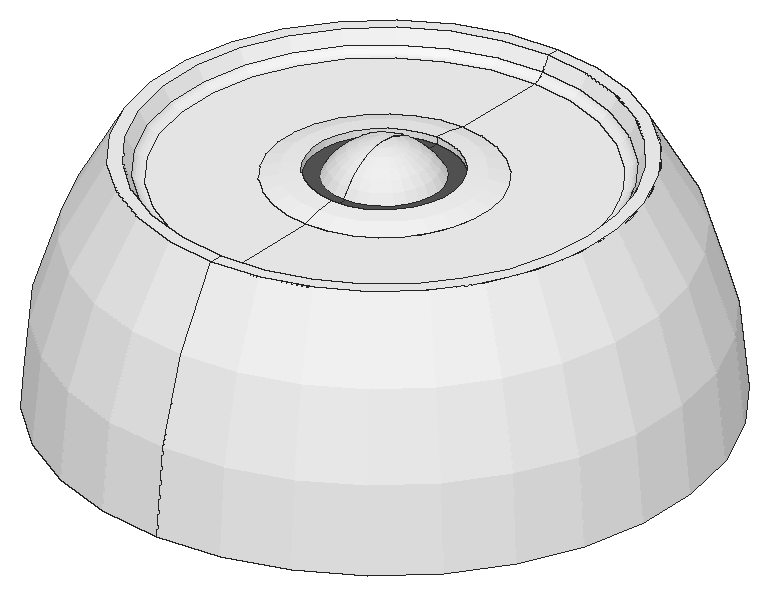
Revit family "Zumtobel basicDIM ILD G2 SSM 20 4DPI WDA", category Lighting Devices, host Face, Revit 2023
Family settings
  Host = Face
  Round Connector Dimension = Use Diameter
  Part Type = Normal
  OmniClass Number = 23.85.80.11.27
  OmniClass Title = Lighting Controls
  Cut with Voids When Loaded = Yes
  Maintain Annotation Orientation = No
  Shared = No
  Room Calculation Point = Yes
Parameters (values of type "basicDIM ILD G2 SSM 20 4DPI WDA WH")
  Material-Housing = ZG-Lighting Fixtures-Plastic-White_RGB 255 255 255
  URL = "https://www.zumtobel.com/com-en/products/basic-dimlite.html?&GUID=373D84C3-5C3E-4741-83BA-8D8CC2FA3E57#Sensor"
  Type Image = basicDIM ILD G2 SSM 20 4DPI WDA WH.jpg
  Type Comments = ""
  Model = "28004640"
  Manufacturer = "Zumtobel Lighting"  # constant formula
  Description = "Motion Sensor"
  Default Elevation = 0 mm  # constant formula
  Assembly Code = "D5030800"
Reference planes
  plane 1 "Center (Front/Back)": y = 0
  plane 2: z = 0
  plane 3 "Center (Left/Right)": x = 0
Forms (mm)
  Revolve 1, solid, material "ZG-Lighting Fixtures-Plastic-White_RGB 255 255 255" <- "Material-Housing"
    sketch origin (0, 0, 0) x (0, 1, 0) y (0, 0, 1)
      loop
        line (0, 0) -> (48.15, 0)
        arc (48.15, 0) -> (45.267, 19.2) -> (36.654, 36.6) r 62.765
        line (36.654, 36.6) -> (34.654, 36.6) -> (33.499, 34.6)
        arc (33.499, 34.6) -> (32.767, 33.868) -> (31.767, 33.6) r 2
        line (31.767, 33.6) -> (16.671, 33.6)
        arc (16.671, 33.6) -> (13.875, 34.326) -> (11, 34.6) r 18.19
        line (11, 34.6) -> (11, 31.6) -> (0, 31.6) -> (0, 0)
      axis (0, 0) -> (0, 36.6)
    angle from 0 to 360
  Revolve 2, solid, material "ZG-Lighting Fixtures-Plastic-Black_RGB 25 25 27"
    sketch origin (0, 0, 0) x (0, 1, 0) y (0, 0, 1)
      loop
        line (0, 31.6) -> (11, 31.6) -> (11, 33.6) -> (0, 33.6) -> (0, 31.6)
      axis (0, 33.6) -> (0, 31.6)
    angle from 0 to 360
  Revolve 3, solid, material "ZG-Lighting Fixtures-Plastic-Translucent-White_RGB 255 255 255"
    sketch origin (0, 0, 0) x (0, 1, 0) y (0, 0, 1)
      loop
        arc (8.5, 33.6) -> (4.982, 37.397) -> (0, 38.8) r 9.547
        line (0, 38.8) -> (0, 33.6) -> (8.5, 33.6)
      axis (0, 38.8) -> (0, 33.6)
    angle from 0 to 360
Lines and regions (mm)
  Filled region 1, type "White"
    outline origin (0, 0, 0) x (1, 0, 0) y (0, 1, 0)
      loop
        circle (0, 0) r 48.15
      loop
        circle (0, 0) r 36.654
  Filled region 2, type "White"
    outline origin (0, 0, 0) x (1, 0, 0) y (0, 1, 0)
      loop
        circle (0, 0) r 11
  Filled region 3, type "White"
    outline origin (0, 0, 0) x (1, 0, 0) y (0, 1, 0)
      loop
        circle (0, 0) r 36.654
      loop
        circle (0, 0) r 11
  model lines, style "InvisibleLines"
    curve 1: line (-150, 0, 0) -> (150, 0, 0)
    curve 2: line (0, -150, 0) -> (0, 150, 0)
  symbolic lines
    curve 3: circle (0, 0, 0) r 48.15 normal (0, 0, 1)
    curve 4: circle (0, 0, 0) r 36.654 normal (0, 0, 1)
    curve 5: circle (0, 0, 0) r 11 normal (0, 0, 1)
Dimensions and locks
  aligned and locked: plane 2 to host face
  aligned and locked: level to host face
  aligned and locked: plane 3 "Center (Left/Right)" to curve 2
  aligned and locked: plane 1 "Center (Front/Back)" to curve 1
  aligned and locked: Revolve 2 sketch curve to plane 1 "Center (Front/Back)"
  aligned and locked: Filled region 3 sketch curve to Revolve 1
Connectors
  electrical at (0, 0, 0)
    settings: index 1, voltage 230 V, apparent load 2 VA, apparent load phase1 0 VA, apparent load phase2 0 VA, apparent load phase3 0 VA, power factor 1, load classification "Lighting", number of poles 1, system type 30, power factor state 1, is connector primary yes, connector utility no, sub classification motor no, connector description ""
